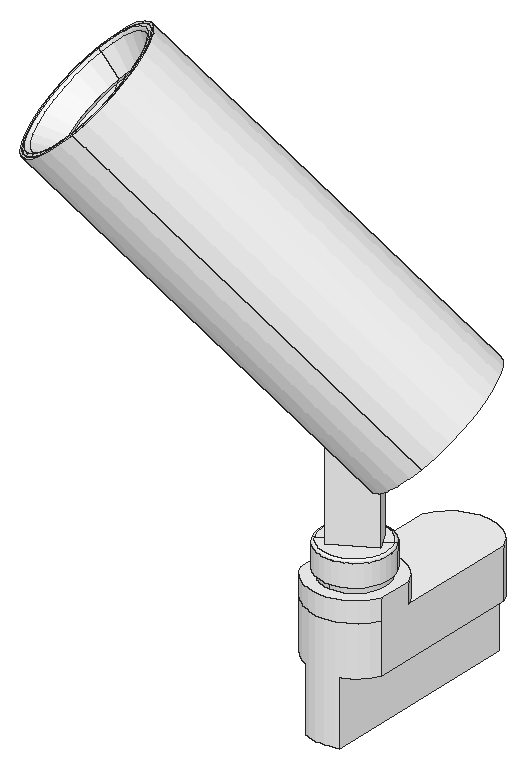
Revit family "0005446", category Lighting Fixtures, host Face, Revit 2017 (continued)
Definition of nested family "START Track Spot Integral Head"
  Types (3, lengths in mm): name | Photometric Web File | built-in parameter 1150142
    0005446 54 | "0005446_54.ies" | "IESNA:LM-63-2002\r\n[TEST] 202010553\r\n[TESTLAB] \r\n[TESTDATE] 21 May 2020\r\n[ISSUEDATE] 21 May 2020\r\n[MANUFAC] Sylvania\r\n[LUMCAT] 202010553\r\n[LUMINAIRE] FT1079-W-4000£¨54¡ã£©\r\n[FLASHAREA] 0.000514\r\n[LAMPCAT] 202010553\r\n[LAMP] LED 17W\r\nTILT=NONE\r\n1 1605.80 1.0 181 4 1 2 -0.052 -0.052 0.000\r\n1.00 1.00 16.53\r\n0.00 1.00 2.00 3.00 4.00 5.00 6.00 7.00 8.00 9.00 10.00 \r\n11.00 12.00 13.00 14.00 15.00 16.00 17.00 18.00 19.00 \r\n20.00 21.00 22.00 23.00 24.00 25.00 26.00 27.00 28.00 \r\n29.00 30.00 31.00 32.00 33.00 34.00 35.00 36.00 37.00 \r\n38.00 39.00 40.00 41.00 42.00 43.00 44.00 45.00 46.00 \r\n47.00 48.00 49.00 50.00 51.00 52.00 53.00 54.00 55.00 \r\n56.00 57.00 58.00 59.00 60.00 61.00 62.00 63.00 64.00 \r\n65.00 66.00 67.00 68.00 69.00 70.00 71.00 72.00 73.00 \r\n74.00 75.00 76.00 77.00 78.00 79.00 80.00 81.00 82.00 \r\n83.00 84.00 85.00 86.00 87.00 88.00 89.00 90.00 91.00 \r\n92.00 93.00 94.00 95.00 96.00 97.00 98.00 99.00 100.00 \r\n101.00 102.00 103.00 104.00 105.00 106.00 107.00 108.00 \r\n109.00 110.00 111.00 112.00 113.00 114.00 115.00 116.00 \r\n117.00 118.00 119.00 120.00 121.00 122.00 123.00 124.00 \r\n125.00 126.00 127.00 128.00 129.00 130.00 131.00 132.00 \r\n133.00 134.00 135.00 136.00 137.00 138.00 139.00 140.00 \r\n141.00 142.00 143.00 144.00 145.00 146.00 147.00 148.00 \r\n149.00 150.00 151.00 152.00 153.00 154.00 155.00 156.00 \r\n157.00 158.00 159.00 160.00 161.00 162.00 163.00 164.00 \r\n165.00 166.00 167.00 168.00 169.00 170.00 171.00 172.00 \r\n173.00 174.00 175.00 176.00 177.00 178.00 179.00 180.00 \r\n0.00 30.00 60.00 90.00 \r\n1802.04 1801.27 1800.35 1798.76 1796.14 1790.58 1781.98 \r\n1770.48 1756.83 1740.12 1719.71 1696.57 1671.33 1637.71 \r\n1602.29 1567.81 1531.84 1492.51 1448.18 1400.87 1348.31 \r\n1292.94 1232.23 1168.66 1101.89 1032.41 963.67 894.88 \r\n827.99 763.38 702.78 643.89 590.67 540.45 492.89 449.74 \r\n409.70 373.85 341.10 310.59 281.99 255.79 230.82 209.31 \r\n190.18 171.58 155.49 140.57 127.61 116.05 105.67 96.66 \r\n88.97 81.90 74.92 68.53 62.53 57.17 52.14 47.02 42.19 \r\n37.26 32.74 29.25 26.73 24.64 22.81 21.09 19.44 17.69 \r\n15.92 14.20 12.48 10.99 9.67 8.31 6.99 5.68 4.37 3.24 \r\n2.48 1.94 1.52 1.16 0.80 0.50 0.24 0.04 0.01 0.01 0.01 \r\n0.01 0.01 0.01 0.01 0.01 0.01 0.01 0.01 0.01 0.01 0.01 \r\n0.01 0.01 0.01 0.01 0.01 0.01 0.01 0.01 0.01 0.01 0.01 \r\n0.01 0.01 0.01 0.01 0.01 0.01 0.01 0.01 0.01 0.01 0.01 \r\n0.01 0.01 0.01 0.01 0.01 0.01 0.01 0.01 0.01 0.01 0.01 \r\n0.01 0.01 0.01 0.01 0.01 0.01 0.01 0.01 0.01 0.01 0.01 \r\n0.01 0.01 0.01 0.01 0.01 0.01 0.01 0.01 0.01 0.01 0.01 \r\n0.01 0.01 0.01 0.01 0.01 0.01 0.01 0.01 0.01 0.01 0.01 \r\n0.01 0.01 0.01 0.01 0.01 0.01 0.01 0.01 0.01 0.01 0.01\r\n0.01 0.01 \r\n1804.57 1804.03 1802.76 1800.53 1796.93 1791.33 1782.76 \r\n1772.32 1761.20 1745.77 1725.92 1702.91 1675.61 1642.75 \r\n1608.65 1572.40 1533.97 1493.48 1449.62 1402.42 1350.53 \r\n1294.49 1235.19 1172.14 1104.99 1036.57 967.33 898.62 \r\n832.20 767.99 707.33 650.88 597.06 546.23 499.78 455.60 \r\n414.78 378.41 345.14 314.61 286.20 260.38 236.25 214.17 \r\n194.47 175.91 159.35 144.11 130.13 118.35 108.17 99.03 \r\n90.85 83.64 76.57 69.48 62.91 57.06 51.72 46.75 42.02 \r\n37.55 33.27 29.64 27.01 24.83 22.90 21.10 19.35 17.59 \r\n15.85 14.11 12.47 10.99 9.63 8.31 6.99 5.68 4.44 3.31 \r\n2.50 1.93 1.49 1.12 0.78 0.49 0.25 0.08 0.01 0.01 0.01 \r\n0.01 0.01 0.01 0.01 0.01 0.01 0.01 0.01 0.01 0.01 0.01 \r\n0.01 0.01 0.01 0.01 0.01 0.01 0.01 0.01 0.01 0.01 0.01 \r\n0.01 0.01 0.01 0.01 0.01 0.01 0.01 0.01 0.01 0.01 0.01 \r\n0.01 0.01 0.01 0.01 0.01 0.01 0.01 0.01 0.01 0.01 0.01 \r\n0.01 0.01 0.01 0.01 0.01 0.01 0.01 0.01 0.01 0.01 0.01 \r\n0.01 0.01 0.01 0.01 0.01 0.01 0.01 0.01 0.01 0.01 0.01 \r\n0.01 0.01 0.01 0.01 0.01 0.01 0.01 0.01 0.01 0.01 0.01 \r\n0.01 0.01 0.01 0.01 0.01 0.01 0.01 0.01 0.01 0.01 0.01\r\n0.001 0.01 \r\n1803.15 1803.46 1802.94 1799.44 1795.42 1789.51 1782.14 \r\n1772.44 1759.78 1743.49 1723.56 1700.40 1674.17 1642.81 \r\n1608.22 1572.37 1535.47 1495.61 1451.98 1403.95 1352.00 \r\n1296.36 1236.98 1173.60 1107.61 1039.14 969.39 899.73 \r\n831.65 767.05 705.40 647.91 594.87 544.71 498.33 455.07 \r\n415.23 379.42 347.19 317.15 288.82 262.73 239.27 218.08 \r\n199.00 181.49 165.18 150.39 136.18 123.35 112.07 102.31 \r\n93.64 85.93 78.70 71.97 65.70 59.74 54.10 48.76 43.64 \r\n38.75 34.27 30.68 27.60 25.18 23.05 21.14 19.32 17.57 \r\n15.82 13.98 12.34 10.76 9.34 8.02 6.75 5.48 4.30 3.28 \r\n2.43 1.85 1.42 1.06 0.74 0.45 0.23 0.09 0.01 0.01 0.01 \r\n0.01 0.01 0.01 0.01 0.01 0.01 0.01 0.01 0.01 0.01 0.01 \r\n0.01 0.01 0.01 0.01 0.01 0.01 0.01 0.01 0.01 0.01 0.01 \r\n0.01 0.01 0.01 0.01 0.01 0.01 0.01 0.01 0.01 0.01 0.01 \r\n0.01 0.01 0.01 0.01 0.01 0.01 0.01 0.01 0.01 0.01 0.01 \r\n0.01 0.01 0.01 0.01 0.01 0.01 0.01 0.01 0.01 0.01 0.01 \r\n0.01 0.01 0.01 0.01 0.01 0.01 0.01 0.01 0.01 0.01 0.01 \r\n0.01 0.01 0.01 0.01 0.01 0.01 0.01 0.01 0.01 0.01 0.01 \r\n0.01 0.01 0.01 0.01 0.01 0.01 0.01 0.01 0.01 0.01 0.01 \r\n0.01 0.01 \r\n1802.10 1803.09 1802.61 1799.10 1795.62 1789.46 1783.04 \r\n1774.71 1760.07 1743.93 1724.04 1702.33 1677.09 1644.87 \r\n1609.27 1572.20 1534.48 1494.67 1451.79 1403.49 1351.08 \r\n1296.72 1236.76 1174.92 1109.07 1040.46 969.63 899.71 \r\n832.54 768.75 706.49 648.16 595.39 544.71 500.11 456.56 \r\n417.16 380.88 348.63 318.20 289.94 265.19 242.17 220.13 \r\n200.64 183.05 166.16 151.66 138.07 125.66 114.91 105.27 \r\n96.92 89.11 81.70 74.50 67.80 61.51 55.65 50.19 44.82 \r\n39.74 35.19 31.39 28.18 25.57 23.35 21.33 19.40 17.57 \r\n15.79 13.89 12.23 10.66 9.19 7.87 6.59 5.31 4.18 3.20 \r\n2.37 1.75 1.37 1.01 0.69 0.43 0.21 0.10 0.02 0.01 0.01 \r\n0.01 0.01 0.01 0.01 0.01 0.01 0.01 0.01 0.01 0.01 0.01 \r\n0.01 0.01 0.01 0.01 0.01 0.01 0.01 0.01 0.01 0.01 0.01 \r\n0.01 0.01 0.01 0.01 0.01 0.01 0.01 0.01 0.01 0.01 0.01 \r\n0.01 0.01 0.01 0.01 0.01 0.01 0.01 0.01 0.01 0.01 0.01 \r\n0.01 0.01 0.01 0.01 0.01 0.01 0.01 0.01 0.01 0.01 0.01 \r\n0.01 0.01 0.01 0.01 0.01 0.01 0.01 0.01 0.01 0.01 0.01 \r\n0.01 0.01 0.01 0.01 0.01 0.01 0.01 0.01 0.01 0.01 0.01 \r\n0.01 0.01 0.01 0.01 0.01 0.01 0.01 0.01 0.01 0.01 0.01\r\n0.01 0.01 \r\n"
  Reference planes
    plane 1 "Center (Front/Back)": y = 0
    plane 2: z = 0
    plane 3 "Center (Left/Right)": x = 0
    plane 4: x = 30
    plane 5: z = 16.8
    plane 6: z = -143.2
    plane 7: x = 29
    plane 8: x = 21
    plane 9: x = 8
    plane 10: z = -133.2
    plane 11: z = -118.2
    plane 12: z = -11.2
    plane 13: x = 28
    plane 14: x = 24.5
    plane 15: z = -131.2
    plane 16: z = -116.2
    plane 17: z = -1
    plane 18: x = 4.75
    plane 19: x = -4.75
    plane 20: y = -30
    plane 21: y = -11
    plane 22: x = 27
    plane 23: y = -20.5
  Forms (mm)
    Extrusion 1, solid
      sketch origin (4.2, 0, 0) x (1, 0, 0) y (0, 1, 0)
        loop
          line (-1219.2, 1219.2) -> (-1219.2, -1219.2) -> (1219.2, -1219.2) -> (1219.2, 1219.2) -> (-1219.2, 1219.2)
      from 0 to -68.017
    Revolve 2, solid, material <- "Material_1_SYL"
      sketch origin (0, 0, 0) x (1, 0, 0) y (0, 0, 1)
        loop
          line (30, -143.2) -> (30, 16.8) -> (29, 16.8) -> (29, -143.2) -> (30, -143.2)
        axis (0, 16.8) -> (0, -143.2)
      angle from 360 to 0
    Revolve 3, solid, material <- "Material_1_SYL"
      sketch origin (0, 0, 0) x (1, 0, 0) y (0, 0, 1)
        loop
          line (29, 16.8) -> (28, 16.8)
          arc (28, 16.8) -> (24.5, 15.673) -> (21, 16.8) r 6
          line (21, 16.8) -> (0, 16.8) -> (0, -11.2) -> (29, -11.2) -> (29, 16.8)
        axis (0, 16.8) -> (0, -11.2)
      angle from 360 to 0
    Revolve 4, solid, material <- "Material_2_SYL"
      sketch origin (0, 0, 0) x (1, 0, 0) y (0, 0, 1)
        loop
          line (29, -131.2) -> (0, -131.2) -> (0, -133.2) -> (29, -133.2) -> (29, -131.2)
        axis (0, -131.2) -> (0, -133.2)
      angle from 360 to 0
    Revolve 5, solid
      sketch origin (0, 0, 0) x (1, 0, 0) y (0, 0, 1)
        loop
          line (0, -118.2) -> (8, -118.2)
          arc (8, -118.2) -> (18.503, -121.84) -> (24.5, -131.2) r 16.971
          line (24.5, -131.2) -> (29, -131.2) -> (29, -116.2) -> (0, -116.2) -> (0, -118.2)
        axis (0, -116.2) -> (0, -131.2)
      angle from 360 to 0
    Extrusion 6, void
      sketch origin (1524, -30, 1219.2) x (-1, 0, 0) y (0, 0, 1)
        loop
          line (1528.75, -1230.4) -> (1528.75, -1202.4) -> (1519.25, -1202.4) -> (1519.25, -1230.4) -> (1528.75, -1230.4)
      from 0 to 19
    Revolve 7, solid, material <- "Material_1_SYL"
      sketch origin (0, 0, 0) x (1, 0, 0) y (0, 0, 1)
        loop
          line (21, -133.2) -> (26.506, -142.377)
          arc (26.506, -142.377) -> (27.014, -142.976) -> (27.767, -143.2) r 1.377
          line (27.767, -143.2) -> (29, -143.2) -> (29, -133.2) -> (21, -133.2)
        axis (0, -133.2) -> (0, -143.2)
      angle from 360 to 0
  Cuts and joins
    Extrusion 6 cuts Revolve 3
    Extrusion 6 cuts Revolve 2
  Lines and regions (mm)
    reference lines
      curve 1: arc (21, 0, 16.8) -> (24.5, 0, 15.673) -> (28, 0, 16.8) r 6
      curve 2: line (21, 0, -133.2) -> (27, 0, -143.2)
  Dimensions and locks
    "RadiusHead_SYL": plane 4 to plane 3 "Center (Left/Right)"
    "DistRotateAxisY_SYL": plane 5 to plane 2
    "Height_SYL": plane 5 to plane 6
    locked: plane 4 to plane 7 at 1
    "RadiusLensOut_SYL": plane 8 to plane 3 "Center (Left/Right)"
    "RadiusEmission_SYL": plane 9 to plane 3 "Center (Left/Right)"
    "DepthLens_SYL": plane 10 to plane 6
    "DepthEmission_SYL": plane 11 to plane 6
    locked: plane 5 to plane 12 at 28
    locked: plane 4 to plane 13 at 2
    equal spacing: plane 13, plane 14, plane 8
    locked: plane 5 to curve 1 at 1.127
    locked: plane 15 to plane 10 at 2
    locked: plane 16 to plane 11 at 2
    locked: plane 2 to plane 17 at 1
    equal spacing: plane 18, plane 3 "Center (Left/Right)", plane 19
    "WidthCutOut_SYL": plane 18 to plane 19
    "RadiusHead_SYL": plane 20 to plane 1 "Center (Front/Back)"
    "DepthCutOut_SYL": plane 20 to plane 21
    locked: plane 4 to plane 22 at 3
    equal spacing: plane 20, plane 23, plane 21
    aligned and locked: plane 2 to Extrusion 1
    aligned and locked: level to Extrusion 1
    aligned and locked: plane 8 to curve 1
    aligned and locked: plane 13 to curve 1
    aligned and locked: plane 14 to curve 1
    aligned and locked: plane 5 to curve 1
    aligned and locked: Revolve 2 sketch curve to plane 3 "Center (Left/Right)"
    aligned and locked: Revolve 2 sketch curve to plane 6
    aligned and locked: Revolve 2 sketch curve to plane 4
    aligned and locked: plane 5 to Revolve 2 sketch curve
    aligned and locked: plane 7 to Revolve 2 sketch curve
    aligned and locked: Revolve 3 sketch curve to plane 3 "Center (Left/Right)"
    aligned and locked: Revolve 3 sketch curve to Revolve 2  (x3)
    aligned and locked: Revolve 3 sketch curve to plane 12
    aligned and locked: plane 3 "Center (Left/Right)" to Revolve 3 sketch curve
    aligned and locked: Revolve 3 sketch curve to curve 1
    aligned and locked: plane 5 to Revolve 3 sketch curve
    aligned and locked: Revolve 4 sketch curve to plane 3 "Center (Left/Right)"  (x2)
    aligned and locked: Revolve 4 sketch curve to plane 15
    aligned and locked: plane 7 to Revolve 4 sketch curve
    aligned and locked: Revolve 5 sketch curve to plane 3 "Center (Left/Right)"  (x2)
    aligned and locked: plane 3 "Center (Left/Right)" to Revolve 5 sketch curve
    aligned and locked: plane 9 to Revolve 5 sketch curve
    aligned and locked: plane 11 to Revolve 5 sketch curve
    aligned and locked: plane 14 to Revolve 5 sketch curve
    aligned and locked: plane 15 to Revolve 5 sketch curve
    aligned and locked: plane 12 to Extrusion 6 sketch curve
    aligned and locked: Extrusion 6 sketch curve to plane 19
    aligned and locked: Extrusion 6 sketch curve to plane 5
    aligned and locked: plane 18 to Extrusion 6 sketch curve
    aligned and locked: Extrusion 6 to plane 21
    aligned and locked: plane 20 to Extrusion 6
    aligned and locked: plane 10 to curve 2
    aligned and locked: plane 22 to curve 2
    aligned and locked: Revolve 7 sketch curve to plane 3 "Center (Left/Right)"
    aligned and locked: plane 10 to Revolve 7 sketch curve
    aligned and locked: Revolve 7 sketch curve to Revolve 4
    aligned and locked: Revolve 7 sketch curve to curve 2
    aligned and locked: plane 3 "Center (Left/Right)" to imposter light
    aligned and locked: imposter light to plane 1 "Center (Front/Back)"
    aligned and locked: imposter light to plane 10
  Automatic sketch dimensions
    Extrusion 1 sketch curve to Extrusion 1 sketch curve = 2438.4 mm  (x2)
    plane 6 to Revolve 2 sketch curve = 487.1 mm
    Revolve 2 sketch curve to plane 5 = 2571.558 mm
    plane 6 to Revolve 3 sketch curve = 487.1 mm
    Revolve 3 sketch curve to Revolve 3 sketch curve = 2566.685 mm
    plane 6 to Revolve 4 sketch curve = 487.1 mm
    Revolve 4 sketch curve to plane 5 = 2571.558 mm
    Revolve 5 sketch curve to plane 11 = 2 mm
    plane 6 to Revolve 5 sketch curve = 487.1 mm
    Revolve 5 sketch curve to plane 5 = 2571.558 mm
    Revolve 5 sketch curve to plane 7 = 0 mm
    Revolve 4 sketch curve to plane 10 = 0 mm
    curve 2 to plane 8 = 0 mm
    curve 1 to plane 14 = 0 mm
    curve 2 to plane 6 = 0 mm
    curve 1 to plane 13 = 0 mm
    Revolve 7 sketch curve to plane 6 = 0 mm
    Revolve 7 sketch curve to plane 22 = 0.494 mm
    Revolve 7 sketch curve to plane 13 = 0.233 mm
    plane 6 to Revolve 7 sketch curve = 474.6 mm
    Revolve 7 sketch curve to plane 5 = 2584.058 mm
Types (3, lengths in mm): name | TypeHead_SYL
  0005446 PIXO SMALL 1600LM 940 NB MB WB WHT - 24 degree | START Track Spot Integral Head : 0005446 24
  0005446 PIXO SMALL 1600LM 940 NB MB WB WHT - 36 degree | START Track Spot Integral Head : 0005446 36
  0005446 PIXO SMALL 1600LM 940 NB MB WB WHT - 54 degree | START Track Spot Integral Head : 0005446 54
